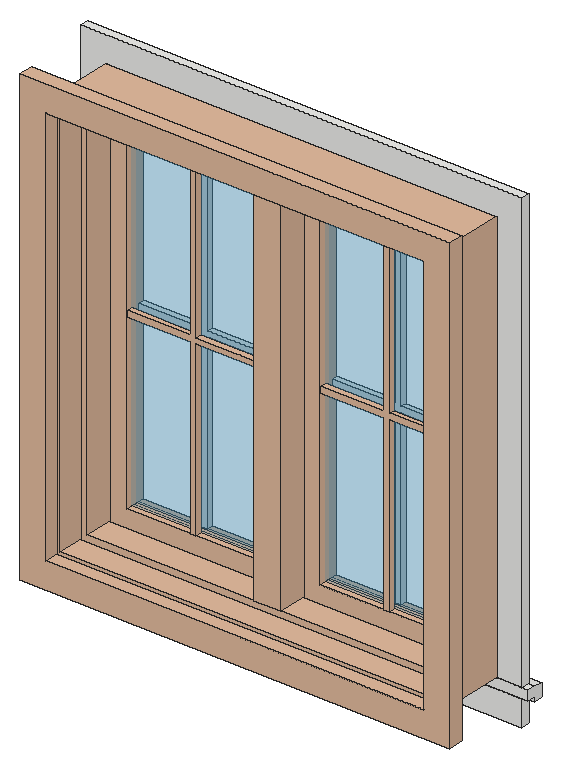
Revit family "Window-Casement-Double", category Windows, host Wall, Revit 2021
Family settings
  Host = Wall
  OmniClass Number = 23.30.20.17.21.14
  OmniClass Title = Casement Windows
  Always vertical = Yes
  Cut with Voids When Loaded = Yes
  Shared = Yes
  Room Calculation Point = Yes
Parameters (values of type "34" x 36"")
  Frame Extension [instance] = if(Exterior Trim Visibility, Window Inset + 0' 0 1/4", 0' 0 1/4")  # 0' - 0 1/4"
  Window Inset [instance] = 0' - 0"
  Wall Thickness [instance] = 0' - 6"
  Interior Wall Closure [instance] = 0' - 2 1/4"
  Interior Trim Material = Wood - Stained
  Half Width = Width / 2  # 1' - 5"
  Visual Light Transmittance = 0.81
  Thermal Resistance (R) = 1.8146 (h·ft²·°F)/BTU
  Solar Heat Gain Coefficient = 0.76
  Rough Width = Width + 0' 0 1/2"  # 2' - 10 1/2"
  Rough Height = Height + 0' 0 1/2"  # 3' - 0 1/2"
  Muntin Visibility = yes
  Muntin Pattern = Muntin Pattern_2x2 : Muntin Pattern_2x2
  Interior Trim Visibility [instance] = yes
  Interior Trim = Trim-Window-Interior-Flat : Picture Frame
  Height = 3' - 0"
  Interior Frame Material = Wood - Stained
  Heat Transfer Coefficient (U) = 0.5511 BTU/(h·ft²·°F)
  Glass Panel Material = Glass
  Fire Rating = "0.5h"
  Exterior Wall Closure [instance] = 0' - 1 1/4"
  Exterior Trim Visibility [instance] = yes
  Exterior Trim Material = Clad - White
  Exterior Trim = Trim-Window-Exterior-Flat : with Sill
  Exterior Frame Material = Clad - White
  Extension Jamb Visibility [instance] = and(Interior Trim Visibility, Wall Thickness - Window Inset > 0' 3 3/4")  # yes
  Extension Jamb [instance] = if(Wall Thickness - Window Inset > 0' 3 3/4", Wall Thickness - Window Inset - 0' 3 3/4", 0' 1")  # 0' - 2 1/4"
  Define Thermal Properties by = Schematic Type
  Default Sill Height = 3' - 0"
  Wall Closure = By host
  Width = 2' - 10"
  Assembly Code = "B2020100"
  Analytic Construction = "Double glazing - domestic"
Reference planes (in)
  plane 1 "Center (Front/Back)": y = 0
  plane 2: z = 0
  plane 3 "Center (Left/Right)": x = 0
  plane 4 "Left": x = -17
  plane 5 "Right": x = 17
  plane 6 "Sill": z = 36
  plane 7 "Top": z = 72
  plane 8 "Inset Face": y = 3
  plane 9 "Wall Closure": y = -0.75
  plane 10 "Sash Face": y = 3.5
  plane 11 "Exterior": y = 3
  plane 12: x = 16.5
  plane 13: x = -16.5
  plane 14: z = 71.5
  plane 15: z = 36.5
  plane 16: x = 14.25
  plane 17: x = -14.25
  plane 18: z = 69.25
  plane 19: z = 38.75
  plane 20: x = 0.375
  plane 21: x = -0.375
  plane 22: y = 2.25
  plane 23 "Glass": y = 2.625
  plane 24 "Middle": z = 54
  plane 25: y = 3.75
  plane 26: y = 3.75
  plane 27 "Interior": y = -3
  plane 28 "Jamb": y = -0.75
  plane 29: x = -1.1875
  plane 30: x = 1.1875
  plane 31: x = 2.625
  plane 32: x = -2.625
  plane 33: y = -0.75
  plane 34: y = 1.75
  plane 35: y = 3.75
Forms (in)
  Sweep 1, solid, material "Wood - Stained" <- "Interior Frame Material"
    path origin (0, 3.5, 0) x (-1, 0, 0) y (0, 0, 1)
      loop
        line (-17, 36) -> (17, 36) -> (17, 72) -> (-17, 72) -> (-17, 36)
    profile origin (17, 3.5, 54) x (1, 0, 0) y (0, 1, 0)
      loop
        line (0, 0.25) -> (-0.5, 0.25) -> (-0.5, -1.75) -> (-1.25, -1.75) -> (-1.25, -4.25) -> (0, -4.25) -> (0, 0.25)
  Extrusion 2, solid, material "Wood - Stained" <- "Interior Frame Material", visible <- "Extension Jamb Visibility"
    sketch origin (0, 0, 0) x (1, 0, 0) y (0, 0, 1)
      loop
        line (17, 72) -> (-17, 72) -> (-17, 36) -> (17, 36) -> (17, 72)
      loop
        line (16.25, 36.75) -> (16.25, 71.25) -> (-16.25, 71.25) -> (-16.25, 36.75) -> (16.25, 36.75)
    from 0.75 to 3
  Sweep 3, solid, material "Wood - Stained" <- "Interior Frame Material"
    path origin (0, 3.5, 0) x (-1, 0, 0) y (0, 0, 1)
      loop
        line (-16.5, 71.5) -> (-16.5, 36.5) -> (-0.375, 36.5) -> (-0.375, 71.5) -> (-16.5, 71.5)
    profile origin (16.5, 3.5, 54) x (0, 1, 0) y (-1, 0, 0)
      loop
        line (0, 0) -> (0, 2.25) -> (-1.75, 2.25) -> (-1.75, 0) -> (0, 0)
  Sweep 4, solid, material "Wood - Stained" <- "Interior Frame Material"
    path origin (0, 3.5, 0) x (-1, 0, 0) y (0, 0, 1)
      loop
        line (0.375, 36.5) -> (16.5, 36.5) -> (16.5, 71.5) -> (0.375, 71.5) -> (0.375, 36.5)
    profile origin (-0.375, 3.5, 54) x (1, 0, 0) y (0, 1, 0)
      loop
        line (0, 0) -> (-2.25, 0) -> (-2.25, -1.75) -> (0, -1.75) -> (0, 0)
  Extrusion 5, solid, material "Glass"
    sketch origin (0, 0, 36) x (0, -1, 0) y (1, 0, 0)
      loop
        line (-3, 2.625) -> (-2.75, 2.625) -> (-2.75, 14.25) -> (-3, 14.25) -> (-3, 2.625)
      loop
        line (-2.25, 14.25) -> (-2.5, 14.25) -> (-2.5, 2.625) -> (-2.25, 2.625) -> (-2.25, 14.25)
    from 2.75 to 33.25
  Extrusion 6, solid, material "Glass"
    sketch origin (-27.625, 0, 36) x (0, -1, 0) y (1, 0, 0)
      loop
        line (-3, 13.375) -> (-2.75, 13.375) -> (-2.75, 25) -> (-3, 25) -> (-3, 13.375)
      loop
        line (-2.25, 25) -> (-2.5, 25) -> (-2.5, 13.375) -> (-2.25, 13.375) -> (-2.25, 25)
    from 2.75 to 33.25
  Extrusion 7, solid, material "Wood - Stained" <- "Interior Frame Material"
    sketch origin (0, 0, 36) x (0, -1, 0) y (1, 0, 0)
      loop
        line (-3.75, -0.375) -> (-1.75, -0.375) -> (-1.75, -1.1875) -> (0.75, -1.1875) -> (0.75, 1.1875) -> (-1.75, 1.1875) -> (-1.75, 0.375) -> (-3.75, 0.375) -> (-3.75, -0.375)
    from 0.5 to 35.5
  Extrusion 8, void
    sketch origin (0, 0, 0) x (1, 0, 0) y (0, 0, 1)
      loop
        line (1.1875, 37.25) -> (-1.1875, 37.25) -> (-1.1875, 36.5) -> (1.1875, 36.5) -> (1.1875, 37.25)
      loop
        line (1.1875, 70.75) -> (1.1875, 71.5) -> (-1.1875, 71.5) -> (-1.1875, 70.75) -> (1.1875, 70.75)
    from -1.75 to 0.75
Cuts and joins
  Extrusion 8 cuts Extrusion 7
Lines and regions (in)
  Opening 1
    outline origin (-60, -3, 0) x (1, 0, 0) y (0, 0, 1)
      loop
        line (43, 72) -> (43, 36) -> (77, 36) -> (77, 72) -> (43, 72)
  Split face 1
    outline origin (14.25, 3.5, 38.75) x (-1, 0, 0) y (0, -1, 0)
      loop
        line (11.625, 0.5) -> (0, 0.5)
  Split face 2
    outline origin (14.25, 3.5, 69.25) x (0, 0, -1) y (0, -1, 0)
      loop
        line (0, 0.5) -> (30.5, 0.5)
  Split face 3
    outline origin (2.625, 3.5, 38.75) x (0, 0, 1) y (0, -1, 0)
      loop
        line (30.5, 0.5) -> (0, 0.5)
  Split face 4
    outline origin (2.625, 3.5, 69.25) x (0, -1, 0) y (1, 0, 0)
      loop
        line (0.5, 0) -> (0.5, 11.625)
  Split face 5
    outline origin (-14.25, 1.75, 38.75) x (1, 0, 0) y (0, 1, 0)
      loop
        line (0, 1.25) -> (11.625, 1.25)
  Split face 6
    outline origin (-2.625, 1.75, 38.75) x (0, 0, 1) y (0, 1, 0)
      loop
        line (30.5, 1.25) -> (0, 1.25)
  Split face 7
    outline origin (-14.25, 1.75, 69.25) x (0, 0, -1) y (0, 1, 0)
      loop
        line (30.5, 1.25) -> (0, 1.25)
  Split face 8
    outline origin (-2.625, 1.75, 69.25) x (0, 1, 0) y (-1, 0, 0)
      loop
        line (1.25, 11.625) -> (1.25, 0)
  symbolic lines, style "Elevation Swing"
    curve 1: line (0.375, 0, 71.5) -> (16.5, 0, 54)
    curve 2: line (16.5, 0, 54) -> (0.375, 0, 36.5)
    curve 3: line (-0.375, 0, 71.5) -> (-16.5, 0, 54)
    curve 4: line (-16.5, 0, 54) -> (-0.375, 0, 36.5)
Text (in)
  text "EXTERIOR" at (-58.6888, 50.90694, 0), in view "Ref. Level"
  text "INTERIOR" at (-58.6888, -37.76638, 0), in view "Ref. Level"
  text "Exterior" at (0, 43.65631, 123.19604), in view "Left"
  text "Exterior" at (0, 18.29385, 125.04747), in view "Right"
Dimensions and locks (in)
  equal spacing: plane 4 "Left", plane 3 "Center (Left/Right)", plane 5 "Right"
  "Width": plane 4 "Left" to plane 5 "Right"
  "Height": plane 6 "Sill" to plane 7 "Top"
  "Default Sill Height": plane 2 to plane 6 "Sill"
  locked: plane 10 "Sash Face" to plane 8 "Inset Face" at 0.5
  "Wall Thickness": host wall to host wall
  "Window Inset": plane 11 "Exterior" to plane 8 "Inset Face"
  locked: Sweep 1 sketch curve to plane 5 "Right" at 1.25
  locked: Sweep 1 sketch curve to plane 5 "Right" at 0.5
  locked: plane 10 "Sash Face" to Sweep 1 sketch curve at 1.75
  locked: plane 12 to plane 5 "Right" at 0.5
  locked: plane 4 "Left" to plane 13 at 0.5
  locked: plane 14 to plane 7 "Top" at 0.5
  locked: plane 6 "Sill" to plane 15 at 0.5
  locked: plane 16 to plane 12 at 2.25
  locked: plane 13 to plane 17 at 2.25
  locked: plane 18 to plane 14 at 2.25
  locked: plane 15 to plane 19 at 2.25
  locked: Extrusion 2 sketch curve to plane 7 "Top" at 0.75
  locked: Extrusion 2 sketch curve to plane 5 "Right" at 0.75
  locked: Extrusion 2 sketch curve to plane 4 "Left" at 0.75
  locked: plane 6 "Sill" to Extrusion 2 sketch curve at 0.75
  equal spacing: plane 21, plane 3 "Center (Left/Right)", plane 20
  locked: plane 21 to plane 20 at 0.75
  plane 22 to Sweep 3 = 0' - 0 1/2"
  equal spacing: plane 8 "Inset Face", plane 23 "Glass", plane 22
  locked: plane 8 "Inset Face" to plane 22 at 0.75
  equal spacing: plane 6 "Sill", plane 24 "Middle", plane 7 "Top"
  locked: plane 25 to plane 11 "Exterior" at 0.75
  locked: plane 26 to plane 10 "Sash Face" at 0.25
  "Extension Jamb": plane 28 "Jamb" to plane 27 "Interior"
  locked: plane 8 "Inset Face" to plane 9 "Wall Closure" at 3.75
  equal spacing: plane 29, plane 3 "Center (Left/Right)", plane 30
  locked: plane 29 to plane 30 at 2.375
  Extrusion 2 to Extrusion 8 = 2' - 11 1/2"
  locked: plane 30 to plane 31 at 1.4375
  locked: plane 29 to plane 32 at 1.4375
  "Interior Wall Closure": plane 33 to plane 27 "Interior"
  "Exterior Wall Closure": plane 11 "Exterior" to plane 34
  "Frame Extension": plane 35 to plane 10 "Sash Face"
  aligned and locked: plane 7 "Top" to Opening 1 sketch curve
  aligned and locked: plane 6 "Sill" to Opening 1 sketch curve  (x2)
  aligned and locked: plane 5 "Right" to Opening 1 sketch curve
  aligned and locked: plane 4 "Left" to Opening 1 sketch curve
  aligned and locked: level to plane 2
  aligned and locked: host wall to plane 11 "Exterior"
  aligned and locked: plane 5 "Right" to Sweep 1 sketch curve
  aligned and locked: plane 7 "Top" to Sweep 1 sketch curve
  aligned and locked: Sweep 1 sketch curve to plane 4 "Left"
  aligned and locked: Sweep 1 sketch curve to plane 6 "Sill"
  aligned and locked: Extrusion 2 sketch curve to host wall  (x3)
  aligned and locked: plane 7 "Top" to Extrusion 2 sketch curve
  aligned and locked: host wall to Extrusion 2
  aligned and locked: Sweep 3 sketch curve to plane 12
  aligned and locked: plane 14 to Sweep 3 sketch curve
  aligned and locked: Sweep 3 sketch curve to plane 15
  aligned and locked: plane 16 to Sweep 3 sketch curve
  aligned and locked: plane 10 "Sash Face" to Sweep 3 sketch curve
  aligned and locked: plane 20 to Sweep 3 sketch curve
  aligned and locked: plane 21 to Sweep 4 sketch curve
  aligned and locked: plane 15 to Sweep 4 sketch curve
  aligned and locked: Sweep 4 sketch curve to plane 13
  aligned and locked: Sweep 4 sketch curve to plane 14
  aligned and locked: Split face 1 sketch curve to plane 8 "Inset Face"
  aligned and locked: plane 8 "Inset Face" to Split face 2 sketch curve
  aligned and locked: plane 8 "Inset Face" to Split face 3 sketch curve
  aligned and locked: Split face 4 sketch curve to plane 8 "Inset Face"
  aligned and locked: Extrusion 5 sketch curve to plane 8 "Inset Face"
  aligned and locked: plane 16 to Extrusion 5 sketch curve
  aligned and locked: Sweep 3 to Extrusion 5 sketch curve
  aligned and locked: Extrusion 5 sketch curve to plane 22
  aligned and locked: Extrusion 5 sketch curve to plane 16
  aligned and locked: Extrusion 5 sketch curve to Sweep 3
  aligned and locked: plane 18 to Extrusion 5
  aligned and locked: Extrusion 5 to plane 19
  aligned and locked: Extrusion 6 sketch curve to plane 8 "Inset Face"
  aligned and locked: plane 22 to Extrusion 6 sketch curve
  aligned and locked: Sweep 4 to Extrusion 6 sketch curve  (x2)
  aligned and locked: Extrusion 6 sketch curve to plane 17  (x2)
  aligned and locked: plane 19 to nested 1
  aligned and locked: nested 1 to plane 23 "Glass"
  aligned and locked: plane 23 "Glass" to nested 2
  aligned and locked: nested 2 to plane 19
  aligned and locked: plane 24 "Middle" to curve 2
  aligned and locked: plane 24 "Middle" to curve 4
  aligned and locked: plane 14 to curve 1
  aligned and locked: plane 14 to curve 3
  aligned and locked: plane 15 to curve 2
  aligned and locked: plane 15 to curve 4
  aligned and locked: plane 18 to Extrusion 6
  aligned and locked: Split face 5 sketch curve to Extrusion 6
  aligned and locked: plane 8 "Inset Face" to Split face 6 sketch curve
  aligned and locked: Split face 7 sketch curve to plane 8 "Inset Face"
  aligned and locked: Split face 8 sketch curve to plane 8 "Inset Face"
  aligned and locked: plane 27 "Interior" to host wall
  aligned and locked: plane 28 "Jamb" to Extrusion 2
  aligned and locked: plane 9 "Wall Closure" to Sweep 1
  aligned and locked: Extrusion 7 sketch curve to plane 26
  aligned and locked: Extrusion 7 to Sweep 1
  aligned and locked: Sweep 1 to Extrusion 8 sketch curve
  aligned and locked: plane 30 to Extrusion 8 sketch curve
  aligned and locked: Extrusion 8 sketch curve to Extrusion 7
  aligned and locked: Extrusion 7 to Extrusion 8 sketch curve
  aligned and locked: Extrusion 8 to Sweep 1
  aligned and locked: Sweep 1 to Extrusion 8
  aligned and locked: plane 9 "Wall Closure" to Extrusion 7 sketch curve
  aligned and locked: plane 14 to cut or joined group of Extrusion 7, Extrusion 8
  aligned and locked: nested 3 to plane 11 "Exterior"
  aligned and locked: plane 27 "Interior" to nested 3
  aligned and locked: nested 3 to plane 4 "Left"
  aligned and locked: plane 3 "Center (Left/Right)" to nested 4
  aligned and locked: nested 4 to plane 11 "Exterior"
  aligned and locked: nested 3 to plane 7 "Top"
  aligned and locked: nested 4 to plane 7 "Top"
  aligned and locked: nested 2 to plane 16
  aligned and locked: nested 1 to plane 17
  aligned and locked: plane 18 to nested 1
  aligned and locked: nested 2 to plane 18
  aligned and locked: nested 2 to plane 31
  aligned and locked: nested 1 to plane 32
  aligned and locked: plane 7 "Top" to nested 6
  aligned and locked: plane 3 "Center (Left/Right)" to nested 6
  aligned and locked: plane 7 "Top" to nested 5
  aligned and locked: nested 5 to plane 3 "Center (Left/Right)"
  aligned and locked: plane 35 to Sweep 1 sketch curve
Automatic sketch dimensions
  Sweep 3 sketch curve to profile plane = 0' - 0"
  Sweep 3 sketch curve to plane 10 "Sash Face" = 0' - 1 3/4"
  Sweep 4 sketch curve to plane 10 "Sash Face" = 0' - 0"
  Sweep 4 sketch curve to profile plane = 0' - 0"
  profile plane to Sweep 4 sketch curve = 0' - 2 1/4"
  Sweep 4 sketch curve to plane 10 "Sash Face" = 0' - 1 3/4"
  Split face 1 sketch curve to Sweep 3 = 0' - 0"  (x2)
  Sweep 3 to Split face 2 sketch curve = 0' - 0"
  Split face 2 sketch curve to Sweep 3 = 0' - 0"
  Split face 3 sketch curve to Sweep 3 = 0' - 0"
  Sweep 3 to Split face 3 sketch curve = 0' - 0"
  Split face 4 sketch curve to Sweep 3 = 0' - 0"  (x2)
  plane 23 "Glass" to Extrusion 5 sketch curve = 0' - 0 1/8"
  Extrusion 5 sketch curve to plane 23 "Glass" = 0' - 0 1/8"
  plane 23 "Glass" to Extrusion 6 sketch curve = 0' - 0 1/8"
  Extrusion 6 sketch curve to plane 23 "Glass" = 0' - 0 1/8"
  plane 13 to curve 4 = 0' - 0"
  plane 21 to curve 3 = 0' - 0"
  plane 21 to curve 4 = 0' - 0"
  plane 20 to curve 2 = 0' - 0"
  plane 20 to curve 1 = 0' - 0"
  plane 12 to curve 2 = 0' - 0"
  Split face 5 sketch curve to Sweep 4 = 0' - 0"  (x2)
  Split face 6 sketch curve to Sweep 4 = 0' - 0"
  Sweep 4 to Split face 6 sketch curve = 0' - 0"
  Sweep 4 to Split face 7 sketch curve = 0' - 0"
  Split face 7 sketch curve to Sweep 4 = 0' - 0"
  Split face 8 sketch curve to Sweep 4 = 0' - 0"  (x2)
  Extrusion 7 sketch curve to plane 29 = 0' - 0"
  Extrusion 7 sketch curve to plane 21 = 0' - 0"
  Extrusion 7 sketch curve to plane 20 = 0' - 0"
  Extrusion 7 sketch curve to plane 30 = 0' - 0"
  Extrusion 7 sketch curve to plane 22 = 0' - 0 1/2"  (x2)
  Extrusion 8 sketch curve to plane 14 = 0' - 0"
  Extrusion 8 sketch curve to plane 29 = 0' - 0"
  Extrusion 8 sketch curve to plane 30 = 0' - 0"
  Extrusion 8 sketch curve to plane 14 = 0' - 0 3/4"
  Sweep 1 sketch curve to profile plane = 0' - 0"
  Sweep 1 sketch curve to Sweep 1 sketch curve = 0' - 2 1/2"
Nested families (in)
  nested 1: "Muntin Pattern_2x2" at (-8.4375, 2.625, 38.75), type <- "Muntin Pattern", Exterior Material <- "Exterior Frame Material", Interior Material <- "Interior Frame Material", visible <- "Muntin Visibility", type "Muntin Pattern_2x2"
    with Width 0' - 11 5/8", Interior Material Wood - Stained, Height 2' - 6 1/2", Exterior Material Clad - White
  nested 2: "Muntin Pattern_2x2" at (8.4375, 2.625, 38.75) x (-1, 0, 0) z (0, 0, 1), type <- "Muntin Pattern", Exterior Material <- "Exterior Frame Material", Interior Material <- "Interior Frame Material", visible <- "Muntin Visibility", type "Muntin Pattern_2x2"
    with Width 0' - 11 5/8", Interior Material Wood - Stained, Height 2' - 6 1/2", Exterior Material Clad - White
  nested 3: "Plan-Casement" at (-8.5, 3, 36), Width <- "Half Width", Height <- "Height", Window Inset <- "Window Inset", Wall Thickness <- "Wall Thickness", type "Plan-Casement"
    with Window Inset of 3D 0' - 0", Window Inset 0' - 0", Width 1' - 5", Wall Thickness 0' - 6", Top Line yes, Right Line no, RH no, Left Line yes, LH yes, Height 3' - 0", Bottom Line yes
  nested 4: "Plan-Casement" at (8.5, 3, 36), Width <- "Half Width", Height <- "Height", Wall Thickness <- "Wall Thickness", Window Inset <- "Window Inset", type "Plan-Casement"
    with Window Inset of 3D 0' - 0", Window Inset 0' - 0", Width 1' - 5", Wall Thickness 0' - 6", Top Line yes, Right Line yes, RH yes, Left Line no, LH no, Height 3' - 0", Bottom Line yes
  nested 5: "Trim-Window-Exterior-Flat" at (0, 3, 72) x (-1, 0, 0) z (0, 1, 0), visible <- "Exterior Trim Visibility", Trim Material <- "Exterior Trim Material", Opening Width <- "Width", Opening Height <- "Height", type <- "Exterior Trim", type "with Sill"
    with Trim Material Clad - White, Opening Width 2' - 10", Opening Height 3' - 0"
  nested 6: "Trim-Window-Interior-Flat" at (0, -3, 72) x (1, 0, 0) z (0, -1, 0), visible <- "Interior Trim Visibility", Trim Material <- "Interior Trim Material", Opening Width <- "Width", Opening Height <- "Height", type <- "Interior Trim", type "Picture Frame"
    with Trim Material Wood - Stained, Opening Width 2' - 10", Opening Height 3' - 0"
Definition of nested family "Muntin Pattern_2x2"
  Parameters (values of type "Muntin Pattern_2x2")
    Width [instance] = 4' - 0"
    Thickness = 0' - 0 1/2"
    Height [instance] = 4' - 0"
    Interior Material [instance] = none
    Exterior Material [instance] = none
    Distance = 0' - 0 3/4"
    Default Elevation = 0' - 0"
  Reference planes (in)
    plane 1 "Center (Front/Back)": y = 0
    plane 2: z = 0
    plane 3 "Center (Left/Right)": x = 0
    plane 4: z = 48
    plane 5: x = -24
    plane 6: x = 24
    plane 7: z = 24
    plane 8: y = 0.375
    plane 9: y = 0.875
    plane 10: y = -0.375
    plane 11: y = -0.875
  Forms (in)
    Extrusion 1, solid, material <- "Interior Material", detail levels fine
      sketch origin (0, 0, 0) x (1, 0, 0) y (0, 0, 1)
        loop
          line (-24, 24.25) -> (-24, 23.75) -> (-0.25, 23.75) -> (-0.25, 0) -> (0.25, 0) -> (0.25, 23.75) -> (24, 23.75) -> (24, 24.25) -> (0.25, 24.25) -> (0.25, 48) -> (-0.25, 48) -> (-0.25, 24.25) -> (-24, 24.25)
      from 0.375 to 0.875
    Extrusion 2, solid, material <- "Exterior Material", detail levels fine
      sketch origin (0, 0, 0) x (1, 0, 0) y (0, 0, -1)
        loop
          line (-24, -24.25) -> (-0.25, -24.25) -> (-0.25, -48) -> (0.25, -48) -> (0.25, -24.25) -> (24, -24.25) -> (24, -23.75) -> (0.25, -23.75) -> (0.25, 0) -> (-0.25, 0) -> (-0.25, -23.75) -> (-24, -23.75) -> (-24, -24.25)
      from 0.375 to 0.875
  Lines and regions (in)
    model lines, detail levels medium
      curve 1: line (0, 0.375, 48) -> (0, 0.375, 0)
      curve 2: line (-24, -0.375, 24) -> (24, -0.375, 24)
      curve 3: line (-24, 0.375, 24) -> (24, 0.375, 24)
      curve 4: line (0, -0.375, 48) -> (0, -0.375, 0)
  Dimensions and locks (in)
    equal spacing: plane 6, plane 3 "Center (Left/Right)", plane 5
    "Width": plane 6 to plane 5
    "Height": plane 4 to plane 2
    equal spacing: plane 4, plane 7, plane 2
    locked: plane 3 "Center (Left/Right)" to Extrusion 1 sketch curve at 0.25  (x4)
    locked: Extrusion 1 sketch curve to plane 7 at 0.25  (x2)
    locked: plane 7 to Extrusion 1 sketch curve at 0.25  (x2)
    "Thickness": plane 9 to plane 8
    "Thickness": plane 10 to plane 11
    "Distance": plane 8 to plane 10
    equal spacing: plane 8, plane 1 "Center (Front/Back)", plane 10
    aligned and locked: plane 2 to level
    aligned and locked: plane 4 to curve 1
    aligned and locked: plane 5 to curve 2
    aligned and locked: plane 2 to curve 1
    aligned and locked: plane 6 to curve 2
    aligned and locked: Extrusion 1 sketch curve to plane 4
    aligned and locked: Extrusion 1 sketch curve to plane 6
    aligned and locked: Extrusion 1 sketch curve to plane 5
    aligned and locked: Extrusion 1 sketch curve to level
    aligned and locked: Extrusion 1 to plane 11
    aligned and locked: plane 10 to Extrusion 1
    aligned and locked: Extrusion 2 to plane 5
    aligned and locked: plane 6 to Extrusion 2
    aligned and locked: Extrusion 2 to plane 8
    aligned and locked: plane 9 to Extrusion 2
    aligned and locked: Extrusion 2 to plane 2
    aligned and locked: plane 4 to Extrusion 2
    aligned and locked: plane 5 to curve 3
    aligned and locked: plane 6 to curve 3
    aligned and locked: plane 4 to curve 4
    aligned and locked: plane 2 to curve 4
    aligned and locked: plane 8 to curve 3
  Automatic sketch dimensions
    curve 2 to plane 7 = 0' - 0"
    Extrusion 2 sketch curve to plane 5 = 0' - 0"
    Extrusion 2 sketch curve to level = 0' - 0"
    Extrusion 2 sketch curve to plane 4 = 0' - 0"
    Extrusion 2 sketch curve to plane 6 = 0' - 0"
    Extrusion 2 sketch curve to plane 3 "Center (Left/Right)" = 0' - 0 1/4"  (x2)
    plane 3 "Center (Left/Right)" to Extrusion 2 sketch curve = 0' - 0 1/4"  (x2)
    plane 7 to Extrusion 2 sketch curve = 0' - 0 1/4"  (x2)
    Extrusion 2 sketch curve to plane 7 = 0' - 0 1/4"  (x2)
    curve 4 to plane 3 "Center (Left/Right)" = 0' - 0"
    curve 4 to level = 0' - 0"
    curve 4 to plane 4 = 0' - 0"
    curve 3 to plane 6 = 0' - 0"
    curve 1 to plane 3 "Center (Left/Right)" = 0' - 0"
    curve 3 to plane 5 = 0' - 0"
    curve 3 to plane 7 = 0' - 0"
Definition of nested family "Trim-Window-Exterior-Flat"
  Parameters (values of type "with Sill")
    Trim Width = 0' - 2 1/4"
    Trim Thickness_Picture Frame = 0' - 1 1/4"
    Trim Thickness_with Sill = 0' - 0 3/4"
    Trim Material [instance] = none
    Sill Thickness = 0' - 1 1/4"
    Sill = yes
    Picture Frame = no
    Opening Width [instance] = 2' - 0"
    Opening Height [instance] = 3' - 0"
    Default Elevation = 4' - 0"
  Types (2): name | Sill | Picture Frame
    with Sill | yes | no
    Picture Frame | no | yes
  Reference planes (in)
    plane 1 "Center (Front/Back)": y = 0
    plane 2: z = 0
    plane 3 "Center (Left/Right)": x = 0
    plane 4: y = 2.25
    plane 5 "Left": x = -12
    plane 6 "Right": x = 12
    plane 7 "Bottom": y = -36
    plane 8: y = -37.25
    plane 9: y = -39.12332
    plane 10: x = 14.25
    plane 11: x = -14.25
    plane 12: z = 0.75
    plane 13: z = 1.25
    plane 14: x = 14.75
    plane 15: x = -14.75
    plane 16: y = -36.87332
    plane 17: y = -38.25
    plane 18: z = 0.5
    plane 19: y = -18
    plane 20: z = 1.5
  Forms (in)
    Extrusion 1, solid
      sketch origin (0, 0, 0) x (1, 0, 0) y (0, 1, 0)
        loop
          line (-14.25, 2.25) -> (-14.25, -39.12332) -> (14.25, -39.12332) -> (14.25, 2.25) -> (-14.25, 2.25)
      from 0 to -12
    Extrusion 2, solid, material <- "Trim Material", visible <- "Sill"
      sketch origin (0, 0, 0) x (1, 0, 0) y (0, 1, 0)
        loop
          line (-14.25, -36) -> (-12, -36) -> (-12, 0) -> (12, 0) -> (12, -36) -> (14.25, -36) -> (14.25, 2.25) -> (-14.25, 2.25) -> (-14.25, -36)
      from 0 to 0.75
    Extrusion 3, solid, material <- "Trim Material", visible <- "Sill"
      sketch origin (0, 0, 0) x (0, 1, 0) y (0, 0, 1)
        loop
          line (-36.09677, 1.5) -> (-37.25, 1.5) -> (-37.25, 0.75) -> (-36.87332, 0.75) -> (-36.87332, 0) -> (-36, 0) -> (-36, 0.75) -> (-36.09677, 1.5)
      from -14.75 to 14.75
    Extrusion 4, solid, material <- "Trim Material", visible <- "Sill"
      sketch origin (0, 0, 0) x (1, 0, 0) y (0, 1, 0)
        loop
          line (-14.25, -36.87332) -> (-14.25, -39.12332) -> (14.25, -39.12332) -> (14.25, -36.87332) -> (-14.25, -36.87332)
      from 0 to 0.75
    Extrusion 5, solid, material <- "Trim Material", visible <- "Picture Frame"
      sketch origin (0, 0, 0) x (1, 0, 0) y (0, 1, 0)
        loop
          line (-12, 0) -> (-12, -36) -> (12, -36) -> (12, 0) -> (-12, 0)
        loop
          line (-14.25, 2.25) -> (-14.25, -38.25) -> (14.25, -38.25) -> (14.25, 2.25) -> (-14.25, 2.25)
      from 0 to 1.25
  Dimensions and locks (in)
    equal spacing: plane 5 "Left", plane 3 "Center (Left/Right)", plane 6 "Right"
    "Opening Width": plane 5 "Left" to plane 6 "Right"
    "Opening Height": plane 7 "Bottom" to plane 1 "Center (Front/Back)"
    "Sill Thickness": plane 7 "Bottom" to plane 8
    "Trim Width": plane 11 to plane 5 "Left"
    "Trim Width": plane 6 "Right" to plane 10
    "Trim Width": plane 1 "Center (Front/Back)" to plane 4
    locked: plane 15 to plane 11 at 0.5
    locked: plane 10 to plane 14 at 0.5
    locked: plane 16 to plane 8 at 0.37668
    "Trim Width": plane 9 to plane 16
    "Trim Width": plane 17 to plane 7 "Bottom"
    locked: plane 18 to plane 2 at 0.5
    equal spacing: plane 7 "Bottom", plane 19, plane 1 "Center (Front/Back)"
    locked: plane 20 to plane 12 at 0.75
    "Trim Thickness_with Sill": plane 12 to plane 2
    "Trim Thickness_Picture Frame": plane 13 to plane 2
    aligned and locked: plane 2 to Extrusion 1
    aligned and locked: level to Extrusion 1
    aligned and locked: Extrusion 2 sketch curve to plane 5 "Left"
    aligned and locked: Extrusion 2 sketch curve to plane 11
    aligned and locked: plane 7 "Bottom" to Extrusion 2 sketch curve  (x2)
    aligned and locked: plane 1 "Center (Front/Back)" to Extrusion 2 sketch curve
    aligned and locked: plane 10 to Extrusion 2 sketch curve
    aligned and locked: Extrusion 2 sketch curve to plane 6 "Right"
    aligned and locked: plane 12 to Extrusion 2
    aligned and locked: Extrusion 3 sketch curve to level
    aligned and locked: plane 7 "Bottom" to Extrusion 3 sketch curve
    aligned and locked: Extrusion 3 sketch curve to plane 8
    aligned and locked: plane 15 to Extrusion 3
    aligned and locked: Extrusion 3 to plane 14
    aligned and locked: plane 10 to Extrusion 4 sketch curve
    aligned and locked: Extrusion 4 sketch curve to plane 11
    aligned and locked: plane 16 to Extrusion 4 sketch curve
    aligned and locked: plane 9 to Extrusion 4 sketch curve
    aligned and locked: Extrusion 4 to Extrusion 2
    aligned and locked: Extrusion 2 sketch curve to plane 4
    aligned and locked: plane 1 "Center (Front/Back)" to Extrusion 5 sketch curve
    aligned and locked: Extrusion 5 sketch curve to plane 4
    aligned and locked: Extrusion 5 sketch curve to plane 17
    aligned and locked: plane 7 "Bottom" to Extrusion 5 sketch curve
    aligned and locked: Extrusion 5 sketch curve to plane 6 "Right"
    aligned and locked: plane 10 to Extrusion 5 sketch curve
    aligned and locked: Extrusion 5 sketch curve to plane 5 "Left"
    aligned and locked: Extrusion 5 sketch curve to plane 11
    aligned and locked: plane 13 to Extrusion 5
    aligned and locked: plane 20 to Extrusion 3
  Automatic sketch dimensions
    Extrusion 1 sketch curve to Extrusion 1 sketch curve = 2' - 4 1/2"
    Extrusion 1 sketch curve to Extrusion 1 sketch curve = 3' - 5.37332"
    Extrusion 3 sketch curve to plane 16 = 0' - 0"
    Extrusion 3 sketch curve to plane 12 = 0' - 0"  (x2)
    Extrusion 3 sketch curve to plane 7 "Bottom" = 0' - 0.09677"
    plane 13 to Extrusion 3 sketch curve = 0' - 0 1/4"
Definition of nested family "Trim-Window-Interior-Flat"
  Parameters (values of type "with Sill")
    Trim Thickness_Picture Frame = 0' - 1 1/4"
    Trim Width = 0' - 2 1/4"
    Trim Thickness_with Sill = 0' - 0 3/4"
    Trim Material [instance] = none
    Sill Thickness = 0' - 1 1/4"
    Sill = yes
    Picture Frame = no
    Opening Width [instance] = 2' - 0"
    Opening Height [instance] = 3' - 0"
    Default Elevation = 4' - 0"
  Types (2): name | Sill | Picture Frame
    with Sill | yes | no
    Picture Frame | no | yes
  Reference planes (in)
    plane 1 "Center (Front/Back)": y = 0
    plane 2: z = 0
    plane 3 "Center (Left/Right)": x = 0
    plane 4: y = 1.75
    plane 5 "Left": x = -12
    plane 6 "Right": x = 12
    plane 7 "Bottom": y = -36
    plane 8: y = -37.25
    plane 9: y = -39.12332
    plane 10: x = 13.75
    plane 11: x = -13.75
    plane 12: z = 0.75
    plane 13: z = 1.25
    plane 14: x = 14.25
    plane 15: x = -14.25
    plane 16: y = -36.87332
    plane 17: y = -37.75
    plane 18: z = 0.5
    plane 19: x = -11.5
    plane 20: y = -0.5
    plane 21: x = 11.5
    plane 22: y = -35.5
    plane 23: x = -13.25
    plane 24: x = 13.25
    plane 25: y = -18
  Forms (in)
    Extrusion 1, solid
      sketch origin (0, 0, 0) x (1, 0, 0) y (0, 1, 0)
        loop
          line (-13.75, 1.75) -> (-13.75, -37.75) -> (13.75, -37.75) -> (13.75, 1.75) -> (-13.75, 1.75)
      from 0 to -12
    Extrusion 2, solid, material <- "Trim Material", visible <- "Sill"
      sketch origin (0, 0, 0) x (1, 0, 0) y (0, 1, 0)
        loop
          line (-13.25, -36) -> (-11.5, -36) -> (-11.5, 0) -> (11.5, 0) -> (11.5, -36) -> (13.25, -36) -> (13.25, 1.75) -> (-13.25, 1.75) -> (-13.25, -36)
      from 0 to 0.75
    Extrusion 3, solid, material <- "Trim Material", visible <- "Sill"
      sketch origin (0, 0, 0) x (0, 1, 0) y (0, 0, 1)
        loop
          line (-36.5, 1.5) -> (-36.87332, 1.5) -> (-36.87332, 0) -> (-36, 0) -> (-36, 1)
          arc (-36, 1) -> (-36.14645, 1.35355) -> (-36.5, 1.5) r 0.5
      from -13.75 to 13.75
    Extrusion 4, solid, material <- "Trim Material", visible <- "Sill"
      sketch origin (0, 0, 0) x (1, 0, 0) y (0, 1, 0)
        loop
          line (-13.25, -36.87332) -> (-13.25, -39.12332) -> (13.25, -39.12332) -> (13.25, -36.87332) -> (-13.25, -36.87332)
      from 0 to 0.75
    Extrusion 5, solid, material <- "Trim Material", visible <- "Picture Frame"
      sketch origin (0, 0, 0) x (1, 0, 0) y (0, 1, 0)
        loop
          line (-11.5, -0.5) -> (-11.5, -35.5) -> (11.5, -35.5) -> (11.5, -0.5) -> (-11.5, -0.5)
        loop
          line (-13.75, 1.75) -> (-13.75, -37.75) -> (13.75, -37.75) -> (13.75, 1.75) -> (-13.75, 1.75)
      from 0 to 1.25
  Dimensions and locks (in)
    equal spacing: plane 5 "Left", plane 3 "Center (Left/Right)", plane 6 "Right"
    "Opening Width": plane 5 "Left" to plane 6 "Right"
    "Opening Height": plane 7 "Bottom" to plane 1 "Center (Front/Back)"
    "Sill Thickness": plane 7 "Bottom" to plane 8
    "Trim Width": plane 11 to plane 19
    "Trim Width": plane 21 to plane 10
    "Trim Width": plane 20 to plane 4
    "Trim Thickness_with Sill": plane 12 to plane 2
    locked: plane 15 to plane 11 at 0.5
    locked: plane 10 to plane 14 at 0.5
    locked: plane 16 to plane 8 at 0.37668
    "Trim Width": plane 9 to plane 16
    "Trim Width": plane 17 to plane 22
    plane 20 to plane 1 "Center (Front/Back)" = 0' - 0 1/2"
    plane 5 "Left" to plane 19 = 0' - 0 1/2"
    plane 21 to plane 6 "Right" = 0' - 0 1/2"
    plane 22 to plane 7 "Bottom" = 0' - 0 1/2"
    locked: plane 11 to plane 23 at 0.5
    locked: plane 24 to plane 10 at 0.5
    equal spacing: plane 7 "Bottom", plane 25, plane 1 "Center (Front/Back)"
    "Trim Thickness_Picture Frame": plane 13 to plane 2
    locked: Extrusion 3 to plane 12 at 0.75
    locked: plane 12 to Extrusion 3 sketch curve at 0.75
    radius of Extrusion 3 sketch curve = 0' - 0 1/2"
    aligned and locked: plane 2 to Extrusion 1
    aligned and locked: level to Extrusion 1
    aligned and locked: plane 7 "Bottom" to Extrusion 2 sketch curve  (x2)
    aligned and locked: plane 1 "Center (Front/Back)" to Extrusion 2 sketch curve
    aligned and locked: plane 12 to Extrusion 2
    aligned and locked: Extrusion 3 sketch curve to level
    aligned and locked: plane 7 "Bottom" to Extrusion 3 sketch curve
    aligned and locked: plane 16 to Extrusion 4 sketch curve
    aligned and locked: plane 9 to Extrusion 4 sketch curve
    aligned and locked: Extrusion 2 sketch curve to plane 4
    aligned and locked: Extrusion 5 sketch curve to plane 4
    aligned and locked: Extrusion 5 sketch curve to plane 17
    aligned and locked: plane 10 to Extrusion 5 sketch curve
    aligned and locked: Extrusion 5 sketch curve to plane 11
    aligned and locked: plane 13 to Extrusion 5
    aligned and locked: Extrusion 5 sketch curve to plane 20
    aligned and locked: Extrusion 5 sketch curve to plane 19
    aligned and locked: Extrusion 5 sketch curve to plane 21
    aligned and locked: plane 22 to Extrusion 5 sketch curve
    aligned and locked: Extrusion 4 to plane 24
    aligned and locked: plane 11 to Extrusion 3
    aligned and locked: Extrusion 3 to plane 10
    aligned and locked: Extrusion 2 sketch curve to plane 21
    aligned and locked: Extrusion 2 sketch curve to plane 24
    aligned and locked: Extrusion 2 sketch curve to plane 19
    aligned and locked: Extrusion 2 sketch curve to plane 23
    aligned and locked: plane 12 to Extrusion 4
  Automatic sketch dimensions
    Extrusion 1 sketch curve to Extrusion 1 sketch curve = 2' - 3 1/2"
    Extrusion 1 sketch curve to Extrusion 1 sketch curve = 3' - 3 1/2"
    Extrusion 3 sketch curve to plane 16 = 0' - 0"
    Extrusion 4 sketch curve to plane 11 = 0' - 0 1/2"
    Extrusion 4 sketch curve to plane 24 = 0' - 0"
Definition of nested family "Plan-Casement"
  Parameters (values of type "Plan-Casement")
    Window Inset [instance] = 0' - 1"
    Window Inset of 3D [instance] = if(Window Inset - 0' 0 1/2" < 0' 0", 0' 0", if(Window Inset - 0' 0 1/2" < Wall Thickness - 0' 3 1/2", Window Inset - 0' 0 1/2", Wall Thickness - 0' 3 1/2"))  # 0' - 0 1/2"
    Width [instance] = 4' - 0"
    Wall Thickness [instance] = 0' - 6"
    Top Line [instance] = yes
    Right Line [instance] = yes
    RH [instance] = yes
    Left Line [instance] = yes
    LH [instance] = yes
    Height [instance] = 3' - 0"
    Default Elevation = 4' - 0"
    Bottom Line [instance] = yes
    Analytic Construction = "<None>"
  Reference planes (in)
    plane 1 "Center (Front/Back)": y = 0
    plane 2: z = 0
    plane 3 "Center (Left/Right)": x = 0
    plane 4: x = -24
    plane 5: x = 24
    plane 6 "Jamb": y = -4
    plane 7: x = -23.5
    plane 8: x = -22.75
    plane 9: y = -0.5
    plane 10: y = -2.25
    plane 11: y = -1.375
    plane 12: x = -21.25
    plane 13: x = 23.5
    plane 14: x = 22.75
    plane 15: x = 21.25
    plane 16 "Window Inset": y = -1
    plane 17 "Wall": y = -6
    plane 18: z = 36
    plane 19: z = 35.5
    plane 20: z = 0.5
    plane 21: z = 34.75
    plane 22: z = 1.25
    plane 23: z = 33.25
    plane 24: z = 2.75
  Lines and regions (in)
    Masking region 1
      outline origin (0, 0.75, 0) x (1, 0, 0) y (0, 1, 0)
        loop
          line (-24, -0.75) -> (-24, -6.75) -> (24, -6.75) -> (24, -0.75) -> (-24, -0.75)
    Masking region 2
      outline origin (0, 0, 0) x (0, 1, 0) y (0, 0, 1)
        loop
          line (0, 36) -> (-6, 36) -> (-6, 0) -> (0, 0) -> (0, 36)
    symbolic lines
      curve 1: line (-23.5, -2.25, 0) -> (-22.75, -2.25, 0)
      curve 2: line (-22.75, -2.25, 0) -> (-22.75, -4, 0)
      curve 3: line (-23.5, -0.5, 0) -> (-23.5, -2.25, 0)
      curve 4: line (-21.25, -0.5, 0) -> (-21.25, -2.25, 0)
      curve 5: line (-21.25, -2.25, 0) -> (-22.75, -2.25, 0)
      curve 6: line (-21.25, -1.375, 0) -> (21.25, -1.375, 0)
      curve 7: line (23.5, -2.25, 0) -> (22.75, -2.25, 0)
      curve 8: line (22.75, -2.25, 0) -> (22.75, -4, 0)
      curve 9: line (23.5, -0.5, 0) -> (23.5, -2.25, 0)
      curve 10: line (21.25, -0.5, 0) -> (21.25, -2.25, 0)
      curve 11: line (21.25, -2.25, 0) -> (22.75, -2.25, 0)
      curve 14: line (-24, -4, 0) -> (-22.75, -4, 0)
      curve 15: line (22.75, -4, 0) -> (24, -4, 0)
      curve 16: line (22.75, -4, 0) -> (-22.75, -4, 0)
      curve 17: line (0, -0.5, 35.5) -> (0, -2.25, 35.5)
      curve 18: line (0, -2.25, 34.75) -> (0, -4, 34.75)
      curve 19: line (0, -0.5, 0.5) -> (0, -2.25, 0.5)
      curve 20: line (0, -2.25, 0.5) -> (0, -2.25, 2.75)
      curve 21: line (0, -2.25, 1.25) -> (0, -4, 1.25)
      curve 22: line (0, -0.5, 36) -> (0, -0.5, 33.25)
      curve 23: line (0, -0.5, 33.25) -> (0, -2.25, 33.25)
      curve 24: line (0, -2.25, 2.75) -> (0, -0.5, 2.75)
      curve 25: line (0, -1.375, 2.75) -> (0, -1.375, 33.25)
      curve 28: line (0, -2.25, 35.5) -> (0, -2.25, 33.25)
      curve 29: line (21.25, -0.5, 0) -> (24, -0.5, 0)
      curve 30: line (-21.25, -0.5, 0) -> (-24, -0.5, 0)
      curve 31: line (0, -0.5, 2.75) -> (0, -0.5, 0)
      curve 32: line (-21.25, -0.5, 0) -> (21.25, -0.5, 0)
      curve 33: line (0, -0.5, 33.25) -> (0, -0.5, 2.75)
      curve 38: line (0, -4, 1.25) -> (0, -4, 34.75)
      curve 39: line (0, -4, 1.25) -> (0, -4, 0)
      curve 40: line (0, -4, 36) -> (0, -4, 34.75)
    symbolic lines, visible <- "RH"
      curve 12: arc (-23.5, -0.5, 0) -> (-19.92234, 17.48612, 0) -> (-9.73402, 32.73402, 0) r 47
      curve 26: line (23.5, -0.5, 0) -> (-9.73402, 32.73402, 0)
    symbolic lines, visible <- "LH"
      curve 13: line (-23.5, -0.5, 0) -> (9.73402, 32.73402, 0)
      curve 27: arc (23.5, -0.5, 0) -> (19.92234, 17.48612, 0) -> (9.73402, 32.73402, 0) r 47
    symbolic lines, visible <- "Right Line"
      curve 34: line (24, 0, 0) -> (24, -6, 0)
    symbolic lines, visible <- "Left Line"
      curve 35: line (-24, 0, 0) -> (-24, -6, 0)
    symbolic lines, visible <- "Top Line"
      curve 36: line (0, 0, 36) -> (0, -6, 36)
    symbolic lines, visible <- "Bottom Line"
      curve 37: line (0, 0, 0) -> (0, -6, 0)
  Dimensions and locks (in)
    "Width": plane 4 to plane 5
    equal spacing: plane 4, plane 3 "Center (Left/Right)", plane 5
    plane 4 to plane 7 to plane 8 = 0' - 0 1/2" locked, 0' - 0 3/4" locked
    equal spacing: plane 9, plane 11, plane 10
    locked: plane 7 to plane 12 at 2.25
    plane 5 to plane 13 to plane 14 = 0' - 0 1/2" locked, 0' - 0 3/4" locked
    locked: plane 13 to plane 15 at 2.25
    locked: plane 9 to plane 16 "Window Inset" at 0.5
    locked: plane 9 to plane 10 at 1.75
    "Wall Thickness": plane 17 "Wall" to plane 1 "Center (Front/Back)"
    "Height": plane 18 to plane 2
    locked: plane 18 to plane 19 at 0.5
    locked: plane 20 to plane 2 at 0.5
    locked: plane 19 to plane 21 at 0.75
    locked: plane 22 to plane 20 at 0.75
    locked: plane 19 to plane 23 at 2.25
    locked: plane 24 to plane 20 at 2.25
    locked: plane 10 to plane 6 "Jamb" at 1.75
    "Window Inset of 3D": plane 9 to plane 1 "Center (Front/Back)"
    locked: plane 9 to curve 13 (angle 45.00°)
    angle curve 26 to plane 16 "Window Inset" = 45.00°
    aligned and locked: plane 2 to level
    aligned and locked: curve 2 to plane 8
    aligned and locked: curve 1 to plane 10
    aligned and locked: plane 14 to curve 8
    aligned and locked: curve 14 to plane 6 "Jamb"
    aligned and locked: curve 15 to plane 6 "Jamb"
    aligned and locked: plane 21 to curve 18
    aligned and locked: plane 19 to curve 17
    aligned and locked: plane 22 to curve 21
    aligned and locked: plane 10 to curve 20
    aligned and locked: plane 20 to curve 19
    aligned and locked: curve 22 to plane 9
    aligned and locked: plane 23 to curve 23
    aligned and locked: curve 24 to plane 24
    aligned and locked: plane 11 to curve 25
    aligned and locked: plane 13 to curve 27
    aligned and locked: plane 9 to curve 13
    aligned and locked: plane 9 to curve 26
    aligned and locked: plane 5 to curve 29
    aligned and locked: plane 18 to curve 22
    aligned and locked: plane 9 to curve 17
    aligned and locked: plane 9 to curve 19
    aligned and locked: plane 9 to curve 3
    aligned and locked: plane 9 to curve 9
    aligned and locked: curve 28 to plane 10
    aligned and locked: plane 19 to curve 28
    aligned and locked: plane 23 to curve 28
    aligned and locked: plane 4 to curve 30
    aligned and locked: plane 9 to curve 31
    aligned and locked: plane 2 to curve 31
    aligned and locked: curve 32 to plane 9
    aligned and locked: plane 12 to curve 32
    aligned and locked: plane 15 to curve 32
    aligned and locked: plane 24 to curve 33
    aligned and locked: plane 1 "Center (Front/Back)" to curve 34
    aligned and locked: plane 17 "Wall" to curve 34
    aligned and locked: curve 34 to plane 5
    aligned and locked: plane 17 "Wall" to curve 35
    aligned and locked: plane 1 "Center (Front/Back)" to curve 35
    aligned and locked: curve 35 to plane 4
    aligned and locked: plane 17 "Wall" to curve 37
    aligned and locked: plane 1 "Center (Front/Back)" to curve 37
    aligned and locked: curve 37 to plane 2
    aligned and locked: plane 17 "Wall" to curve 36
    aligned and locked: plane 1 "Center (Front/Back)" to curve 36
    aligned and locked: curve 36 to plane 18
    aligned and locked: plane 1 "Center (Front/Back)" to Masking region 1 sketch curve
    aligned and locked: plane 17 "Wall" to Masking region 1 sketch curve
    aligned and locked: plane 4 to Masking region 1 sketch curve
    aligned and locked: Masking region 1 sketch curve to plane 5
    aligned and locked: plane 2 to Masking region 2 sketch curve
    aligned and locked: Masking region 2 sketch curve to plane 18
    aligned and locked: plane 1 "Center (Front/Back)" to Masking region 2 sketch curve
    aligned and locked: plane 17 "Wall" to Masking region 2 sketch curve
    aligned and locked: plane 6 "Jamb" to curve 21
    aligned and locked: plane 6 "Jamb" to curve 18
    aligned and locked: plane 10 to curve 18
    aligned and locked: plane 10 to curve 21
    aligned and locked: plane 22 to curve 39
    aligned and locked: plane 21 to curve 40
    aligned and locked: plane 6 "Jamb" to curve 40
  Automatic sketch dimensions
    curve 3 to plane 7 = 0' - 0"
    curve 27 to plane 7 = 0' - 0"
    curve 12 to plane 13 = 0' - 0"
    curve 7 to plane 10 = 0' - 0"
    curve 6 to plane 11 = 0' - 0"
